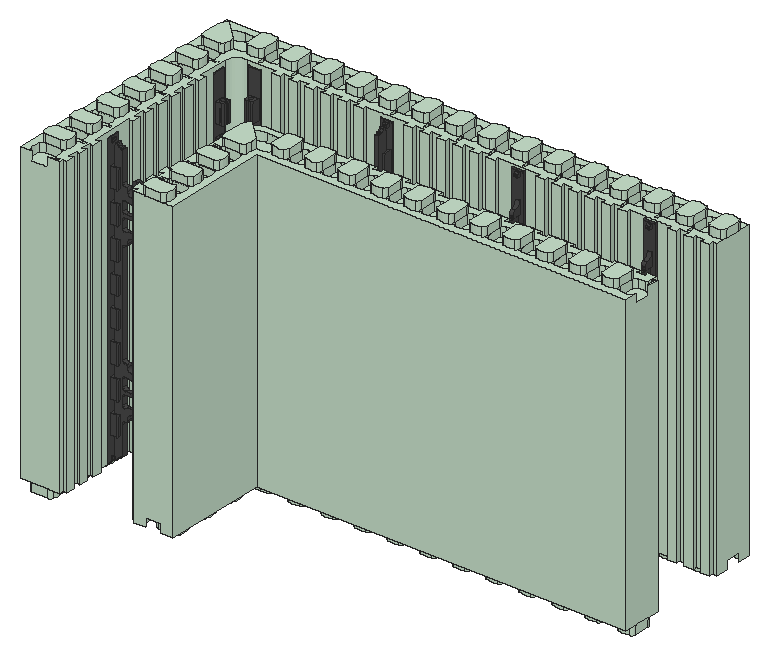
Revit family "ICF- NUDURA 4-inch- 90 Degree Form Unit- Imperial", category Generic Models, Revit 2011 (continued)
Definition of nested family "NUDURA Logo Diamond"
  Lines and regions (in)
    model lines
      curve 17: line (11.82066, 0, 17.78388) -> (11.46711, 0, 17.43033)
      curve 18: line (12.52777, 0, 17.43033) -> (12.17421, 0, 17.78388)
      curve 19: line (12.17421, 0, 16.72322) -> (12.52777, 0, 17.07678)
      curve 20: line (11.46711, 0, 17.07678) -> (11.82066, 0, 16.72322)
      curve 21: arc (11.3964, 0, 17.50104) -> (11.29388, 0, 17.25355) -> (11.3964, 0, 17.00607) r 0.35
      curve 22: arc (11.74995, 0, 17.85459) -> (11.99744, 0, 17.95711) -> (12.24492, 0, 17.85459) r 0.35
      curve 23: arc (11.46711, 0, 17.43033) -> (11.39388, 0, 17.25355) -> (11.46711, 0, 17.07678) r 0.25
      curve 24: arc (12.52777, 0, 17.43033) -> (12.60099, 0, 17.25355) -> (12.52777, 0, 17.07678) r 0.25
      curve 25: arc (12.17421, 0, 16.72322) -> (11.99744, 0, 16.65) -> (11.82066, 0, 16.72322) r 0.25
      curve 26: arc (11.82066, 0, 17.78388) -> (11.99744, 0, 17.85711) -> (12.17421, 0, 17.78388) r 0.25
      curve 27: arc (12.59848, 0, 17.50104) -> (12.70099, 0, 17.25355) -> (12.59848, 0, 17.00607) r 0.35
      curve 28: arc (11.63374, 0, 16.76872) -> (11.74358, 0, 16.50355) -> (11.63374, 0, 16.23839) r 0.375
      curve 29: arc (12.36113, 0, 16.76872) -> (12.2513, 0, 16.50355) -> (12.36113, 0, 16.23839) r 0.375
      curve 30: line (12.36113, 0, 15.26872) -> (12.59848, 0, 15.50607)
      curve 31: line (11.3964, 0, 15.50607) -> (11.63374, 0, 15.26872)
      curve 32: line (11.82066, 0, 16.28388) -> (11.46711, 0, 15.93033)
      curve 33: line (12.52777, 0, 15.93033) -> (12.17421, 0, 16.28388)
      curve 34: line (12.17421, 0, 15.22322) -> (12.52777, 0, 15.57678)
      curve 35: line (11.46711, 0, 15.57678) -> (11.82066, 0, 15.22322)
      curve 36: arc (11.3964, 0, 16.00104) -> (11.29388, 0, 15.75355) -> (11.3964, 0, 15.50607) r 0.35
      curve 37: arc (11.46711, 0, 15.93033) -> (11.39388, 0, 15.75355) -> (11.46711, 0, 15.57678) r 0.25
      curve 38: arc (12.52777, 0, 15.93033) -> (12.60099, 0, 15.75355) -> (12.52777, 0, 15.57678) r 0.25
      curve 39: arc (12.17421, 0, 15.22322) -> (11.99744, 0, 15.15) -> (11.82066, 0, 15.22322) r 0.25
      curve 40: arc (11.82066, 0, 16.28388) -> (11.99744, 0, 16.35711) -> (12.17421, 0, 16.28388) r 0.25
      curve 41: arc (12.59848, 0, 16.00104) -> (12.70099, 0, 15.75355) -> (12.59848, 0, 15.50607) r 0.35
      curve 42: line (11.63374, 0, 16.23839) -> (11.3964, 0, 16.00104)
      curve 43: line (12.59848, 0, 16.00104) -> (12.36113, 0, 16.23839)
      curve 44: arc (11.63374, 0, 15.26872) -> (11.74358, 0, 15.00355) -> (11.63374, 0, 14.73839) r 0.375
      curve 45: arc (12.36113, 0, 15.26872) -> (12.2513, 0, 15.00355) -> (12.36113, 0, 14.73839) r 0.375
      curve 46: line (12.36113, 0, 13.76872) -> (12.59848, 0, 14.00607)
      curve 47: line (11.3964, 0, 14.00607) -> (11.63374, 0, 13.76872)
      curve 48: line (11.82066, 0, 14.78388) -> (11.46711, 0, 14.43033)
      curve 49: line (12.52777, 0, 14.43033) -> (12.17421, 0, 14.78388)
      curve 50: line (12.17421, 0, 13.72322) -> (12.52777, 0, 14.07678)
      curve 51: line (11.46711, 0, 14.07678) -> (11.82066, 0, 13.72322)
      curve 52: arc (11.3964, 0, 14.50104) -> (11.29388, 0, 14.25355) -> (11.3964, 0, 14.00607) r 0.35
      curve 53: arc (11.46711, 0, 14.43033) -> (11.39388, 0, 14.25355) -> (11.46711, 0, 14.07678) r 0.25
      curve 54: arc (12.52777, 0, 14.43033) -> (12.60099, 0, 14.25355) -> (12.52777, 0, 14.07678) r 0.25
      curve 55: arc (12.17421, 0, 13.72322) -> (11.99744, 0, 13.65) -> (11.82066, 0, 13.72322) r 0.25
      curve 56: arc (11.82066, 0, 14.78388) -> (11.99744, 0, 14.85711) -> (12.17421, 0, 14.78388) r 0.25
      curve 57: arc (12.59848, 0, 14.50104) -> (12.70099, 0, 14.25355) -> (12.59848, 0, 14.00607) r 0.35
      curve 58: line (11.63374, 0, 14.73839) -> (11.3964, 0, 14.50104)
      curve 59: arc (11.63374, 0, 13.76872) -> (11.74358, 0, 13.50355) -> (11.63374, 0, 13.23839) r 0.375
      curve 60: arc (12.36113, 0, 13.76872) -> (12.2513, 0, 13.50355) -> (12.36113, 0, 13.23839) r 0.375
      curve 61: line (12.78279, 0, 12.81673) -> (12.36113, 0, 13.23839)
      curve 62: line (11.21208, 0, 12.81673) -> (11.28279, 0, 12.74602)
      curve 63: arc (11.82066, 0, 13.28388) -> (11.99744, 0, 13.35711) -> (12.17421, 0, 13.28388) r 0.25
      curve 64: line (12.59848, 0, 0.50607) -> (12.24492, 0, 0.15251)
      curve 65: line (12.36113, 0, 1.23839) -> (12.59848, 0, 1.00104)
      curve 66: line (12.59848, 0, 2.00607) -> (12.36113, 0, 1.76872)
      curve 67: line (12.36113, 0, 2.73839) -> (12.59848, 0, 2.50104)
      curve 68: line (12.59848, 0, 3.50607) -> (12.36113, 0, 3.26872)
      curve 69: line (12.36113, 0, 4.23839) -> (12.59848, 0, 4.00104)
      curve 70: line (12.17421, 0, 4.72322) -> (12.71208, 0, 5.26109)
      curve 71: line (12.71208, 0, 5.26109) -> (12.78279, 0, 5.19038)
      curve 72: line (11.28279, 0, 5.26109) -> (11.82066, 0, 4.72322)
      curve 73: line (11.63374, 0, 4.76872) -> (11.21208, 0, 5.19038)
      curve 74: line (11.3964, 0, 4.00104) -> (11.63374, 0, 4.23839)
      curve 75: line (11.63374, 0, 3.26872) -> (11.3964, 0, 3.50607)
      curve 76: line (11.3964, 0, 2.50104) -> (11.63374, 0, 2.73839)
      curve 77: line (11.63374, 0, 1.76872) -> (11.3964, 0, 2.00607)
      curve 78: line (11.3964, 0, 1.00104) -> (11.63374, 0, 1.23839)
      curve 79: line (11.74995, 0, 0.15251) -> (11.3964, 0, 0.50607)
      curve 80: line (11.82066, 0, 0.22322) -> (11.46711, 0, 0.57678)
      curve 81: line (12.52777, 0, 0.57678) -> (12.17421, 0, 0.22322)
      curve 82: line (12.17421, 0, 1.28388) -> (12.52777, 0, 0.93033)
      curve 83: line (11.46711, 0, 0.93033) -> (11.82066, 0, 1.28388)
      curve 84: arc (11.3964, 0, 0.50607) -> (11.29388, 0, 0.75355) -> (11.3964, 0, 1.00104) r 0.35
      curve 85: arc (11.74995, 0, 0.15251) -> (11.99744, 0, 0.05) -> (12.24492, 0, 0.15251) r 0.35
      curve 86: arc (11.46711, 0, 0.57678) -> (11.39388, 0, 0.75355) -> (11.46711, 0, 0.93033) r 0.25
      curve 87: arc (12.52777, 0, 0.57678) -> (12.60099, 0, 0.75355) -> (12.52777, 0, 0.93033) r 0.25
      curve 88: arc (12.17421, 0, 1.28388) -> (11.99744, 0, 1.35711) -> (11.82066, 0, 1.28388) r 0.25
      curve 89: arc (11.82066, 0, 0.22322) -> (11.99744, 0, 0.15) -> (12.17421, 0, 0.22322) r 0.25
      curve 90: arc (12.59848, 0, 0.50607) -> (12.70099, 0, 0.75355) -> (12.59848, 0, 1.00104) r 0.35
      curve 91: arc (11.63374, 0, 1.23839) -> (11.74358, 0, 1.50355) -> (11.63374, 0, 1.76872) r 0.375
      curve 92: arc (12.36113, 0, 1.23839) -> (12.2513, 0, 1.50355) -> (12.36113, 0, 1.76872) r 0.375
      curve 93: line (12.36113, 0, 2.73839) -> (12.59848, 0, 2.50104)
      curve 94: line (11.3964, 0, 2.50104) -> (11.63374, 0, 2.73839)
      curve 95: line (11.82066, 0, 1.72322) -> (11.46711, 0, 2.07678)
      curve 96: line (12.52777, 0, 2.07678) -> (12.17421, 0, 1.72322)
      curve 97: line (12.17421, 0, 2.78388) -> (12.52777, 0, 2.43033)
      curve 98: line (11.46711, 0, 2.43033) -> (11.82066, 0, 2.78388)
      curve 99: arc (11.3964, 0, 2.00607) -> (11.29388, 0, 2.25355) -> (11.3964, 0, 2.50104) r 0.35
      curve 100: arc (11.46711, 0, 2.07678) -> (11.39388, 0, 2.25355) -> (11.46711, 0, 2.43033) r 0.25
      curve 101: arc (12.52777, 0, 2.07678) -> (12.60099, 0, 2.25355) -> (12.52777, 0, 2.43033) r 0.25
      curve 102: arc (12.17421, 0, 2.78388) -> (11.99744, 0, 2.85711) -> (11.82066, 0, 2.78388) r 0.25
      curve 103: arc (11.82066, 0, 1.72322) -> (11.99744, 0, 1.65) -> (12.17421, 0, 1.72322) r 0.25
      curve 104: arc (12.59848, 0, 2.00607) -> (12.70099, 0, 2.25355) -> (12.59848, 0, 2.50104) r 0.35
      curve 105: line (11.63374, 0, 1.76872) -> (11.3964, 0, 2.00607)
      curve 106: line (12.59848, 0, 2.00607) -> (12.36113, 0, 1.76872)
      curve 107: arc (11.63374, 0, 2.73839) -> (11.74358, 0, 3.00355) -> (11.63374, 0, 3.26872) r 0.375
      curve 108: arc (12.36113, 0, 2.73839) -> (12.2513, 0, 3.00355) -> (12.36113, 0, 3.26872) r 0.375
      curve 109: line (12.36113, 0, 4.23839) -> (12.59848, 0, 4.00104)
      curve 110: line (11.3964, 0, 4.00104) -> (11.63374, 0, 4.23839)
      curve 111: line (11.82066, 0, 3.22322) -> (11.46711, 0, 3.57678)
      curve 112: line (12.52777, 0, 3.57678) -> (12.17421, 0, 3.22322)
      curve 113: line (12.17421, 0, 4.28388) -> (12.52777, 0, 3.93033)
      curve 114: line (11.46711, 0, 3.93033) -> (11.82066, 0, 4.28388)
      curve 115: arc (11.3964, 0, 3.50607) -> (11.29388, 0, 3.75355) -> (11.3964, 0, 4.00104) r 0.35
      curve 116: arc (11.46711, 0, 3.57678) -> (11.39388, 0, 3.75355) -> (11.46711, 0, 3.93033) r 0.25
      curve 117: arc (12.52777, 0, 3.57678) -> (12.60099, 0, 3.75355) -> (12.52777, 0, 3.93033) r 0.25
      curve 118: arc (12.17421, 0, 4.28388) -> (11.99744, 0, 4.35711) -> (11.82066, 0, 4.28388) r 0.25
      curve 119: arc (11.82066, 0, 3.22322) -> (11.99744, 0, 3.15) -> (12.17421, 0, 3.22322) r 0.25
      curve 120: arc (12.59848, 0, 3.50607) -> (12.70099, 0, 3.75355) -> (12.59848, 0, 4.00104) r 0.35
      curve 121: line (11.63374, 0, 3.26872) -> (11.3964, 0, 3.50607)
      curve 122: arc (11.63374, 0, 4.23839) -> (11.74358, 0, 4.50355) -> (11.63374, 0, 4.76872) r 0.375
      curve 123: arc (12.36113, 0, 4.23839) -> (12.2513, 0, 4.50355) -> (12.36113, 0, 4.76872) r 0.375
      curve 124: line (12.78279, 0, 5.19038) -> (12.36113, 0, 4.76872)
      curve 125: line (11.21208, 0, 5.19038) -> (11.28279, 0, 5.26109)
      curve 126: arc (11.82066, 0, 4.72322) -> (11.99744, 0, 4.65) -> (12.17421, 0, 4.72322) r 0.25
      curve 127: line (12.37244, 0, 12.50355) -> (11.62244, 0, 12.50355)
      curve 128: line (12.74744, 0, 5.87855) -> (12.74744, 0, 12.12855)
      curve 129: line (11.24744, 0, 12.12855) -> (11.24744, 0, 5.87855)
      curve 130: line (11.62244, 0, 5.50355) -> (12.37244, 0, 5.50355)
      curve 131: line (12.47232, 0, 12.00355) -> (12.0393, 0, 12.25355)
      curve 132: line (12.47232, 0, 11.50355) -> (12.47232, 0, 12.00355)
      curve 133: line (12.25581, 0, 11.37855) -> (12.47232, 0, 11.50355)
      curve 134: line (12.02256, 0, 11.51322) -> (12.25581, 0, 11.37855)
      curve 135: line (12.22232, 0, 11.62855) -> (12.02256, 0, 11.51322)
      curve 136: line (11.80605, 0, 12.11888) -> (12.22232, 0, 11.87855)
      curve 137: line (12.22232, 0, 11.87855) -> (12.22232, 0, 11.62855)
      curve 138: line (12.0393, 0, 12.25355) -> (11.80605, 0, 12.11888)
      curve 139: line (11.77256, 0, 11.63822) -> (11.97232, 0, 11.75355)
      curve 140: line (11.97232, 0, 11.75355) -> (11.73906, 0, 11.88822)
      curve 141: line (11.73906, 0, 11.88822) -> (11.52256, 0, 11.76322)
      curve 142: line (11.52256, 0, 11.76322) -> (11.52256, 0, 11.26322)
      curve 143: line (11.77256, 0, 11.38822) -> (11.77256, 0, 11.63822)
      curve 144: line (12.18882, 0, 11.14789) -> (11.77256, 0, 11.38822)
      curve 145: line (11.95557, 0, 11.01322) -> (12.18882, 0, 11.14789)
      curve 146: line (11.52256, 0, 11.26322) -> (11.95557, 0, 11.01322)
      curve 147: line (12.31108, 0, 10.60411) -> (11.68379, 0, 10.74458)
      curve 148: line (11.68379, 0, 10.74458) -> (11.68379, 0, 10.51321)
      curve 149: line (11.68379, 0, 10.51321) -> (12.1295, 0, 10.41405)
      curve 150: line (12.1295, 0, 10.41405) -> (11.68379, 0, 10.27358)
      curve 151: line (11.68379, 0, 10.27358) -> (11.68379, 0, 9.8852)
      curve 152: line (11.68379, 0, 9.8852) -> (12.17077, 0, 9.77615)
      curve 153: line (12.17077, 0, 9.77615) -> (12.17077, 0, 9.74472)
      curve 154: line (12.17077, 0, 9.74472) -> (11.86146, 0, 9.80279)
      curve 155: line (11.68379, 0, 9.65536) -> (11.68379, 0, 9.35864)
      curve 156: line (12.07077, 0, 8.74385) -> (12.07077, 0, 8.99996)
      curve 157: line (12.07077, 0, 8.99996) -> (11.68379, 0, 9.08605)
      curve 158: line (11.68379, 0, 9.08605) -> (11.68379, 0, 8.47809)
      curve 159: line (11.91823, 0, 9.06589) -> (12.31108, 0, 8.97792)
      curve 160: line (11.82444, 0, 8.55476) -> (11.82444, 0, 8.79865)
      curve 161: line (11.82444, 0, 8.79865) -> (12.07077, 0, 8.74385)
      curve 162: line (11.68379, 0, 8.07193) -> (11.68379, 0, 7.77522)
      curve 163: line (11.91823, 0, 7.48247) -> (12.21108, 0, 7.41688)
      curve 164: line (12.21108, 0, 7.41688) -> (12.21108, 0, 6.95405)
      curve 165: line (12.16108, 0, 6.90405) -> (12.12077, 0, 6.90405)
      curve 166: line (12.07077, 0, 6.95405) -> (12.07077, 0, 7.08675)
      curve 167: line (12.07077, 0, 7.08675) -> (12.12077, 0, 7.07556)
      curve 168: line (12.12077, 0, 7.07556) -> (12.12077, 0, 7.33463)
      curve 169: line (12.12077, 0, 7.33463) -> (11.68379, 0, 7.43249)
      curve 170: line (11.68379, 0, 7.43249) -> (11.68379, 0, 7.17341)
      curve 171: line (11.68379, 0, 7.17341) -> (11.97077, 0, 7.10915)
      curve 172: line (11.97077, 0, 7.10915) -> (11.97077, 0, 6.99425)
      curve 173: line (11.92077, 0, 6.94425) -> (11.68379, 0, 6.94425)
      curve 174: line (11.68379, 0, 6.94425) -> (11.68379, 0, 6.45682)
      curve 175: line (11.68379, 0, 6.45682) -> (11.78284, 0, 6.38658)
      curve 176: line (11.78284, 0, 6.38658) -> (11.78284, 0, 6.05178)
      curve 177: line (12.12371, 0, 6.14486) -> (11.88284, 0, 6.31567)
      curve 178: line (11.88284, 0, 6.31567) -> (11.88284, 0, 6.07909)
      curve 179: line (11.88284, 0, 6.07909) -> (12.12371, 0, 6.14486)
      curve 180: line (11.78284, 0, 6.05178) -> (11.68379, 0, 6.02474)
      curve 181: line (11.68379, 0, 6.02474) -> (11.68379, 0, 5.75355)
      curve 182: line (11.68379, 0, 5.75355) -> (12.31108, 0, 5.92483)
      curve 183: line (12.31108, 0, 5.92483) -> (12.31108, 0, 6.28791)
      curve 184: line (12.31108, 0, 6.28791) -> (11.76249, 0, 6.67694)
      curve 185: line (11.76249, 0, 6.67694) -> (11.90321, 0, 6.67694)
      curve 186: line (12.31108, 0, 6.78674) -> (12.31108, 0, 7.63562)
      curve 187: line (12.31108, 0, 7.63562) -> (11.90258, 0, 7.7271)
      curve 188: line (11.82444, 0, 7.82469) -> (11.82444, 0, 7.92839)
      curve 189: line (11.88536, 0, 7.97718) -> (12.31108, 0, 7.88185)
      curve 190: line (12.31108, 0, 7.88185) -> (12.31108, 0, 8.13496)
      curve 191: line (12.31108, 0, 8.13496) -> (12.08042, 0, 8.17826)
      curve 192: line (12.31108, 0, 8.38353) -> (12.31108, 0, 8.9465)
      curve 193: line (12.31108, 0, 8.9465) -> (12.17077, 0, 8.97771)
      curve 194: line (12.17077, 0, 8.97771) -> (12.17077, 0, 8.55476)
      curve 195: line (12.31108, 0, 8.97792) -> (12.31108, 0, 9.21905)
      curve 196: line (12.31108, 0, 9.21905) -> (11.90258, 0, 9.31053)
      curve 197: line (11.82444, 0, 9.40811) -> (11.82444, 0, 9.51182)
      curve 198: line (11.87938, 0, 9.56195) -> (12.31108, 0, 9.46528)
      curve 199: line (12.31108, 0, 9.46528) -> (12.31108, 0, 9.98469)
      curve 200: line (12.31108, 0, 9.98469) -> (11.90664, 0, 10.07526)
      curve 201: line (11.90664, 0, 10.07526) -> (12.31108, 0, 10.20747)
      curve 202: line (12.31108, 0, 10.20747) -> (12.31108, 0, 10.60411)
      curve 203: arc (11.68379, 0, 9.65536) -> (11.73801, 0, 9.7708) -> (11.86146, 0, 9.80279) r 0.15
      curve 204: arc (11.68379, 0, 9.35864) -> (11.74962, 0, 9.17112) -> (11.91823, 0, 9.06589) r 0.3
      curve 205: arc (11.84417, 0, 8.22149) -> (11.72718, 0, 8.32679) -> (11.68379, 0, 8.47809) r 0.28547
      curve 206: arc (11.68379, 0, 8.07193) -> (11.73147, 0, 8.18158) -> (11.84417, 0, 8.22149) r 0.14992
      curve 207: arc (11.68379, 0, 7.77522) -> (11.74962, 0, 7.58769) -> (11.91823, 0, 7.48247) r 0.3
      curve 208: arc (11.82444, 0, 7.82469) -> (11.84638, 0, 7.76218) -> (11.90258, 0, 7.7271) r 0.1
      curve 209: arc (11.82444, 0, 7.92839) -> (11.84318, 0, 7.96742) -> (11.88536, 0, 7.97718) r 0.05
      curve 210: arc (12.12077, 0, 6.90405) -> (12.08541, 0, 6.91869) -> (12.07077, 0, 6.95405) r 0.05
      curve 211: arc (12.16108, 0, 6.90405) -> (12.19644, 0, 6.91869) -> (12.21108, 0, 6.95405) r 0.05
      curve 212: arc (11.97077, 0, 6.99425) -> (11.95612, 0, 6.95889) -> (11.92077, 0, 6.94425) r 0.05
      curve 213: arc (11.90321, 0, 6.67694) -> (11.96756, 0, 6.70069) -> (12.00104, 0, 6.76055) r 0.09904
      curve 214: arc (12.00104, 0, 6.76055) -> (12.1681, 0, 6.63117) -> (12.31108, 0, 6.78674) r 0.15613
      curve 215: arc (12.08042, 0, 8.17826) -> (12.24181, 0, 8.22914) -> (12.31108, 0, 8.38353) r 0.20667
      curve 216: arc (11.82444, 0, 8.55476) -> (11.9976, 0, 8.3816) -> (12.17077, 0, 8.55476) r 0.17317
      curve 217: arc (11.82444, 0, 9.40811) -> (11.84638, 0, 9.34561) -> (11.90258, 0, 9.31053) r 0.1
      curve 218: arc (11.82444, 0, 9.51182) -> (11.8459, 0, 9.55306) -> (11.892, 0, 9.55913) r 0.05034
      curve 219: arc (11.24744, 0, 12.12855) -> (11.35727, 0, 12.39372) -> (11.62244, 0, 12.50355) r 0.375
      curve 220: arc (12.37244, 0, 12.50355) -> (12.6376, 0, 12.39372) -> (12.74744, 0, 12.12855) r 0.375
      curve 221: arc (11.24744, 0, 5.87855) -> (11.35727, 0, 5.61339) -> (11.62244, 0, 5.50355) r 0.375
      curve 222: arc (12.37244, 0, 5.50355) -> (12.6376, 0, 5.61339) -> (12.74744, 0, 5.87855) r 0.375
      curve 223: line (9.99744, 0, 18) -> (9.99744, 0, 0)
      curve 224: line (13.99744, 0, 18) -> (13.99744, 0, 0)
      curve 225: line (15.99744, 0, 18) -> (15.99744, 0, 0)
Definition of nested family "NUDURA Logo Diamond Missing Outside Line"
  Reference planes (in)
    plane 1 "Center (Front/Back)": y = 0
    plane 2: z = 0
    plane 3 "Center (Left/Right)": x = 0
  Lines and regions (in)
    model lines
      curve 1: line (12.59848, 0, 17.50104) -> (12.24492, 0, 17.85459)
      curve 2: line (12.36113, 0, 16.76872) -> (12.59848, 0, 17.00607)
      curve 3: line (12.59848, 0, 16.00104) -> (12.36113, 0, 16.23839)
      curve 4: line (12.36113, 0, 15.26872) -> (12.59848, 0, 15.50607)
      curve 5: line (12.59848, 0, 14.50104) -> (12.36113, 0, 14.73839)
      curve 6: line (12.36113, 0, 13.76872) -> (12.59848, 0, 14.00607)
      curve 7: line (12.17421, 0, 13.28388) -> (12.71208, 0, 12.74602)
      curve 8: line (12.71208, 0, 12.74602) -> (12.78279, 0, 12.81673)
      curve 9: line (11.28279, 0, 12.74602) -> (11.82066, 0, 13.28388)
      curve 10: line (11.63374, 0, 13.23839) -> (11.21208, 0, 12.81673)
      curve 11: line (11.3964, 0, 14.00607) -> (11.63374, 0, 13.76872)
      curve 12: line (11.63374, 0, 14.73839) -> (11.3964, 0, 14.50104)
      curve 13: line (11.3964, 0, 15.50607) -> (11.63374, 0, 15.26872)
      curve 14: line (11.63374, 0, 16.23839) -> (11.3964, 0, 16.00104)
      curve 15: line (11.3964, 0, 17.00607) -> (11.63374, 0, 16.76872)
      curve 16: line (11.74995, 0, 17.85459) -> (11.3964, 0, 17.50104)
      curve 17: line (11.82066, 0, 17.78388) -> (11.46711, 0, 17.43033)
      curve 18: line (12.52777, 0, 17.43033) -> (12.17421, 0, 17.78388)
      curve 19: line (12.17421, 0, 16.72322) -> (12.52777, 0, 17.07678)
      curve 20: line (11.46711, 0, 17.07678) -> (11.82066, 0, 16.72322)
      curve 21: arc (11.3964, 0, 17.50104) -> (11.29388, 0, 17.25355) -> (11.3964, 0, 17.00607) r 0.35
      curve 22: arc (11.74995, 0, 17.85459) -> (11.99744, 0, 17.95711) -> (12.24492, 0, 17.85459) r 0.35
      curve 23: arc (11.46711, 0, 17.43033) -> (11.39388, 0, 17.25355) -> (11.46711, 0, 17.07678) r 0.25
      curve 24: arc (12.52777, 0, 17.43033) -> (12.60099, 0, 17.25355) -> (12.52777, 0, 17.07678) r 0.25
      curve 25: arc (12.17421, 0, 16.72322) -> (11.99744, 0, 16.65) -> (11.82066, 0, 16.72322) r 0.25
      curve 26: arc (11.82066, 0, 17.78388) -> (11.99744, 0, 17.85711) -> (12.17421, 0, 17.78388) r 0.25
      curve 27: arc (12.59848, 0, 17.50104) -> (12.70099, 0, 17.25355) -> (12.59848, 0, 17.00607) r 0.35
      curve 28: arc (11.63374, 0, 16.76872) -> (11.74358, 0, 16.50355) -> (11.63374, 0, 16.23839) r 0.375
      curve 29: arc (12.36113, 0, 16.76872) -> (12.2513, 0, 16.50355) -> (12.36113, 0, 16.23839) r 0.375
      curve 30: line (12.36113, 0, 15.26872) -> (12.59848, 0, 15.50607)
      curve 31: line (11.3964, 0, 15.50607) -> (11.63374, 0, 15.26872)
      curve 32: line (11.82066, 0, 16.28388) -> (11.46711, 0, 15.93033)
      curve 33: line (12.52777, 0, 15.93033) -> (12.17421, 0, 16.28388)
      curve 34: line (12.17421, 0, 15.22322) -> (12.52777, 0, 15.57678)
      curve 35: line (11.46711, 0, 15.57678) -> (11.82066, 0, 15.22322)
      curve 36: arc (11.3964, 0, 16.00104) -> (11.29388, 0, 15.75355) -> (11.3964, 0, 15.50607) r 0.35
      curve 37: arc (11.46711, 0, 15.93033) -> (11.39388, 0, 15.75355) -> (11.46711, 0, 15.57678) r 0.25
      curve 38: arc (12.52777, 0, 15.93033) -> (12.60099, 0, 15.75355) -> (12.52777, 0, 15.57678) r 0.25
      curve 39: arc (12.17421, 0, 15.22322) -> (11.99744, 0, 15.15) -> (11.82066, 0, 15.22322) r 0.25
      curve 40: arc (11.82066, 0, 16.28388) -> (11.99744, 0, 16.35711) -> (12.17421, 0, 16.28388) r 0.25
      curve 41: arc (12.59848, 0, 16.00104) -> (12.70099, 0, 15.75355) -> (12.59848, 0, 15.50607) r 0.35
      curve 42: line (11.63374, 0, 16.23839) -> (11.3964, 0, 16.00104)
      curve 43: line (12.59848, 0, 16.00104) -> (12.36113, 0, 16.23839)
      curve 44: arc (11.63374, 0, 15.26872) -> (11.74358, 0, 15.00355) -> (11.63374, 0, 14.73839) r 0.375
      curve 45: arc (12.36113, 0, 15.26872) -> (12.2513, 0, 15.00355) -> (12.36113, 0, 14.73839) r 0.375
      curve 46: line (12.36113, 0, 13.76872) -> (12.59848, 0, 14.00607)
      curve 47: line (11.3964, 0, 14.00607) -> (11.63374, 0, 13.76872)
      curve 48: line (11.82066, 0, 14.78388) -> (11.46711, 0, 14.43033)
      curve 49: line (12.52777, 0, 14.43033) -> (12.17421, 0, 14.78388)
      curve 50: line (12.17421, 0, 13.72322) -> (12.52777, 0, 14.07678)
      curve 51: line (11.46711, 0, 14.07678) -> (11.82066, 0, 13.72322)
      curve 52: arc (11.3964, 0, 14.50104) -> (11.29388, 0, 14.25355) -> (11.3964, 0, 14.00607) r 0.35
      curve 53: arc (11.46711, 0, 14.43033) -> (11.39388, 0, 14.25355) -> (11.46711, 0, 14.07678) r 0.25
      curve 54: arc (12.52777, 0, 14.43033) -> (12.60099, 0, 14.25355) -> (12.52777, 0, 14.07678) r 0.25
      curve 55: arc (12.17421, 0, 13.72322) -> (11.99744, 0, 13.65) -> (11.82066, 0, 13.72322) r 0.25
      curve 56: arc (11.82066, 0, 14.78388) -> (11.99744, 0, 14.85711) -> (12.17421, 0, 14.78388) r 0.25
      curve 57: arc (12.59848, 0, 14.50104) -> (12.70099, 0, 14.25355) -> (12.59848, 0, 14.00607) r 0.35
      curve 58: line (11.63374, 0, 14.73839) -> (11.3964, 0, 14.50104)
      curve 59: arc (11.63374, 0, 13.76872) -> (11.74358, 0, 13.50355) -> (11.63374, 0, 13.23839) r 0.375
      curve 60: arc (12.36113, 0, 13.76872) -> (12.2513, 0, 13.50355) -> (12.36113, 0, 13.23839) r 0.375
      curve 61: line (12.78279, 0, 12.81673) -> (12.36113, 0, 13.23839)
      curve 62: line (11.21208, 0, 12.81673) -> (11.28279, 0, 12.74602)
      curve 63: arc (11.82066, 0, 13.28388) -> (11.99744, 0, 13.35711) -> (12.17421, 0, 13.28388) r 0.25
      curve 64: line (12.59848, 0, 0.50607) -> (12.24492, 0, 0.15251)
      curve 65: line (12.36113, 0, 1.23839) -> (12.59848, 0, 1.00104)
      curve 66: line (12.59848, 0, 2.00607) -> (12.36113, 0, 1.76872)
      curve 67: line (12.36113, 0, 2.73839) -> (12.59848, 0, 2.50104)
      curve 68: line (12.59848, 0, 3.50607) -> (12.36113, 0, 3.26872)
      curve 69: line (12.36113, 0, 4.23839) -> (12.59848, 0, 4.00104)
      curve 70: line (12.17421, 0, 4.72322) -> (12.71208, 0, 5.26109)
      curve 71: line (12.71208, 0, 5.26109) -> (12.78279, 0, 5.19038)
      curve 72: line (11.28279, 0, 5.26109) -> (11.82066, 0, 4.72322)
      curve 73: line (11.63374, 0, 4.76872) -> (11.21208, 0, 5.19038)
      curve 74: line (11.3964, 0, 4.00104) -> (11.63374, 0, 4.23839)
      curve 75: line (11.63374, 0, 3.26872) -> (11.3964, 0, 3.50607)
      curve 76: line (11.3964, 0, 2.50104) -> (11.63374, 0, 2.73839)
      curve 77: line (11.63374, 0, 1.76872) -> (11.3964, 0, 2.00607)
      curve 78: line (11.3964, 0, 1.00104) -> (11.63374, 0, 1.23839)
      curve 79: line (11.74995, 0, 0.15251) -> (11.3964, 0, 0.50607)
      curve 80: line (11.82066, 0, 0.22322) -> (11.46711, 0, 0.57678)
      curve 81: line (12.52777, 0, 0.57678) -> (12.17421, 0, 0.22322)
      curve 82: line (12.17421, 0, 1.28388) -> (12.52777, 0, 0.93033)
      curve 83: line (11.46711, 0, 0.93033) -> (11.82066, 0, 1.28388)
      curve 84: arc (11.3964, 0, 0.50607) -> (11.29388, 0, 0.75355) -> (11.3964, 0, 1.00104) r 0.35
      curve 85: arc (11.74995, 0, 0.15251) -> (11.99744, 0, 0.05) -> (12.24492, 0, 0.15251) r 0.35
      curve 86: arc (11.46711, 0, 0.57678) -> (11.39388, 0, 0.75355) -> (11.46711, 0, 0.93033) r 0.25
      curve 87: arc (12.52777, 0, 0.57678) -> (12.60099, 0, 0.75355) -> (12.52777, 0, 0.93033) r 0.25
      curve 88: arc (12.17421, 0, 1.28388) -> (11.99744, 0, 1.35711) -> (11.82066, 0, 1.28388) r 0.25
      curve 89: arc (11.82066, 0, 0.22322) -> (11.99744, 0, 0.15) -> (12.17421, 0, 0.22322) r 0.25
      curve 90: arc (12.59848, 0, 0.50607) -> (12.70099, 0, 0.75355) -> (12.59848, 0, 1.00104) r 0.35
      curve 91: arc (11.63374, 0, 1.23839) -> (11.74358, 0, 1.50355) -> (11.63374, 0, 1.76872) r 0.375
      curve 92: arc (12.36113, 0, 1.23839) -> (12.2513, 0, 1.50355) -> (12.36113, 0, 1.76872) r 0.375
      curve 93: line (12.36113, 0, 2.73839) -> (12.59848, 0, 2.50104)
      curve 94: line (11.3964, 0, 2.50104) -> (11.63374, 0, 2.73839)
      curve 95: line (11.82066, 0, 1.72322) -> (11.46711, 0, 2.07678)
      curve 96: line (12.52777, 0, 2.07678) -> (12.17421, 0, 1.72322)
      curve 97: line (12.17421, 0, 2.78388) -> (12.52777, 0, 2.43033)
      curve 98: line (11.46711, 0, 2.43033) -> (11.82066, 0, 2.78388)
      curve 99: arc (11.3964, 0, 2.00607) -> (11.29388, 0, 2.25355) -> (11.3964, 0, 2.50104) r 0.35
      curve 100: arc (11.46711, 0, 2.07678) -> (11.39388, 0, 2.25355) -> (11.46711, 0, 2.43033) r 0.25
      curve 101: arc (12.52777, 0, 2.07678) -> (12.60099, 0, 2.25355) -> (12.52777, 0, 2.43033) r 0.25
      curve 102: arc (12.17421, 0, 2.78388) -> (11.99744, 0, 2.85711) -> (11.82066, 0, 2.78388) r 0.25
      curve 103: arc (11.82066, 0, 1.72322) -> (11.99744, 0, 1.65) -> (12.17421, 0, 1.72322) r 0.25
      curve 104: arc (12.59848, 0, 2.00607) -> (12.70099, 0, 2.25355) -> (12.59848, 0, 2.50104) r 0.35
      curve 105: line (11.63374, 0, 1.76872) -> (11.3964, 0, 2.00607)
      curve 106: line (12.59848, 0, 2.00607) -> (12.36113, 0, 1.76872)
      curve 107: arc (11.63374, 0, 2.73839) -> (11.74358, 0, 3.00355) -> (11.63374, 0, 3.26872) r 0.375
      curve 108: arc (12.36113, 0, 2.73839) -> (12.2513, 0, 3.00355) -> (12.36113, 0, 3.26872) r 0.375
      curve 109: line (12.36113, 0, 4.23839) -> (12.59848, 0, 4.00104)
      curve 110: line (11.3964, 0, 4.00104) -> (11.63374, 0, 4.23839)
      curve 111: line (11.82066, 0, 3.22322) -> (11.46711, 0, 3.57678)
      curve 112: line (12.52777, 0, 3.57678) -> (12.17421, 0, 3.22322)
      curve 113: line (12.17421, 0, 4.28388) -> (12.52777, 0, 3.93033)
      curve 114: line (11.46711, 0, 3.93033) -> (11.82066, 0, 4.28388)
      curve 115: arc (11.3964, 0, 3.50607) -> (11.29388, 0, 3.75355) -> (11.3964, 0, 4.00104) r 0.35
      curve 116: arc (11.46711, 0, 3.57678) -> (11.39388, 0, 3.75355) -> (11.46711, 0, 3.93033) r 0.25
      curve 117: arc (12.52777, 0, 3.57678) -> (12.60099, 0, 3.75355) -> (12.52777, 0, 3.93033) r 0.25
      curve 118: arc (12.17421, 0, 4.28388) -> (11.99744, 0, 4.35711) -> (11.82066, 0, 4.28388) r 0.25
      curve 119: arc (11.82066, 0, 3.22322) -> (11.99744, 0, 3.15) -> (12.17421, 0, 3.22322) r 0.25
      curve 120: arc (12.59848, 0, 3.50607) -> (12.70099, 0, 3.75355) -> (12.59848, 0, 4.00104) r 0.35
      curve 121: line (11.63374, 0, 3.26872) -> (11.3964, 0, 3.50607)
      curve 122: arc (11.63374, 0, 4.23839) -> (11.74358, 0, 4.50355) -> (11.63374, 0, 4.76872) r 0.375
      curve 123: arc (12.36113, 0, 4.23839) -> (12.2513, 0, 4.50355) -> (12.36113, 0, 4.76872) r 0.375
      curve 124: line (12.78279, 0, 5.19038) -> (12.36113, 0, 4.76872)
      curve 125: line (11.21208, 0, 5.19038) -> (11.28279, 0, 5.26109)
      curve 126: arc (11.82066, 0, 4.72322) -> (11.99744, 0, 4.65) -> (12.17421, 0, 4.72322) r 0.25
      curve 127: line (12.37244, 0, 12.50355) -> (11.62244, 0, 12.50355)
      curve 128: line (12.74744, 0, 5.87855) -> (12.74744, 0, 12.12855)
      curve 129: line (11.24744, 0, 12.12855) -> (11.24744, 0, 5.87855)
      curve 130: line (11.62244, 0, 5.50355) -> (12.37244, 0, 5.50355)
      curve 131: line (12.47232, 0, 12.00355) -> (12.0393, 0, 12.25355)
      curve 132: line (12.47232, 0, 11.50355) -> (12.47232, 0, 12.00355)
      curve 133: line (12.25581, 0, 11.37855) -> (12.47232, 0, 11.50355)
      curve 134: line (12.02256, 0, 11.51322) -> (12.25581, 0, 11.37855)
      curve 135: line (12.22232, 0, 11.62855) -> (12.02256, 0, 11.51322)
      curve 136: line (11.80605, 0, 12.11888) -> (12.22232, 0, 11.87855)
      curve 137: line (12.22232, 0, 11.87855) -> (12.22232, 0, 11.62855)
      curve 138: line (12.0393, 0, 12.25355) -> (11.80605, 0, 12.11888)
      curve 139: line (11.77256, 0, 11.63822) -> (11.97232, 0, 11.75355)
      curve 140: line (11.97232, 0, 11.75355) -> (11.73906, 0, 11.88822)
      curve 141: line (11.73906, 0, 11.88822) -> (11.52256, 0, 11.76322)
      curve 142: line (11.52256, 0, 11.76322) -> (11.52256, 0, 11.26322)
      curve 143: line (11.77256, 0, 11.38822) -> (11.77256, 0, 11.63822)
      curve 144: line (12.18882, 0, 11.14789) -> (11.77256, 0, 11.38822)
      curve 145: line (11.95557, 0, 11.01322) -> (12.18882, 0, 11.14789)
      curve 146: line (11.52256, 0, 11.26322) -> (11.95557, 0, 11.01322)
      curve 147: line (12.31108, 0, 10.60411) -> (11.68379, 0, 10.74458)
      curve 148: line (11.68379, 0, 10.74458) -> (11.68379, 0, 10.51321)
      curve 149: line (11.68379, 0, 10.51321) -> (12.1295, 0, 10.41405)
      curve 150: line (12.1295, 0, 10.41405) -> (11.68379, 0, 10.27358)
      curve 151: line (11.68379, 0, 10.27358) -> (11.68379, 0, 9.8852)
      curve 152: line (11.68379, 0, 9.8852) -> (12.17077, 0, 9.77615)
      curve 153: line (12.17077, 0, 9.77615) -> (12.17077, 0, 9.74472)
      curve 154: line (12.17077, 0, 9.74472) -> (11.86146, 0, 9.80279)
      curve 155: line (11.68379, 0, 9.65536) -> (11.68379, 0, 9.35864)
      curve 156: line (12.07077, 0, 8.74385) -> (12.07077, 0, 8.99996)
      curve 157: line (12.07077, 0, 8.99996) -> (11.68379, 0, 9.08605)
      curve 158: line (11.68379, 0, 9.08605) -> (11.68379, 0, 8.47809)
      curve 159: line (11.91823, 0, 9.06589) -> (12.31108, 0, 8.97792)
      curve 160: line (11.82444, 0, 8.55476) -> (11.82444, 0, 8.79865)
      curve 161: line (11.82444, 0, 8.79865) -> (12.07077, 0, 8.74385)
      curve 162: line (11.68379, 0, 8.07193) -> (11.68379, 0, 7.77522)
      curve 163: line (11.91823, 0, 7.48247) -> (12.21108, 0, 7.41688)
      curve 164: line (12.21108, 0, 7.41688) -> (12.21108, 0, 6.95405)
      curve 165: line (12.16108, 0, 6.90405) -> (12.12077, 0, 6.90405)
      curve 166: line (12.07077, 0, 6.95405) -> (12.07077, 0, 7.08675)
      curve 167: line (12.07077, 0, 7.08675) -> (12.12077, 0, 7.07556)
      curve 168: line (12.12077, 0, 7.07556) -> (12.12077, 0, 7.33463)
      curve 169: line (12.12077, 0, 7.33463) -> (11.68379, 0, 7.43249)
      curve 170: line (11.68379, 0, 7.43249) -> (11.68379, 0, 7.17341)
      curve 171: line (11.68379, 0, 7.17341) -> (11.97077, 0, 7.10915)
      curve 172: line (11.97077, 0, 7.10915) -> (11.97077, 0, 6.99425)
      curve 173: line (11.92077, 0, 6.94425) -> (11.68379, 0, 6.94425)
      curve 174: line (11.68379, 0, 6.94425) -> (11.68379, 0, 6.45682)
      curve 175: line (11.68379, 0, 6.45682) -> (11.78284, 0, 6.38658)
      curve 176: line (11.78284, 0, 6.38658) -> (11.78284, 0, 6.05178)
      curve 177: line (12.12371, 0, 6.14486) -> (11.88284, 0, 6.31567)
      curve 178: line (11.88284, 0, 6.31567) -> (11.88284, 0, 6.07909)
      curve 179: line (11.88284, 0, 6.07909) -> (12.12371, 0, 6.14486)
      curve 180: line (11.78284, 0, 6.05178) -> (11.68379, 0, 6.02474)
      curve 181: line (11.68379, 0, 6.02474) -> (11.68379, 0, 5.75355)
      curve 182: line (11.68379, 0, 5.75355) -> (12.31108, 0, 5.92483)
      curve 183: line (12.31108, 0, 5.92483) -> (12.31108, 0, 6.28791)
      curve 184: line (12.31108, 0, 6.28791) -> (11.76249, 0, 6.67694)
      curve 185: line (11.76249, 0, 6.67694) -> (11.90321, 0, 6.67694)
      curve 186: line (12.31108, 0, 6.78674) -> (12.31108, 0, 7.63562)
      curve 187: line (12.31108, 0, 7.63562) -> (11.90258, 0, 7.7271)
      curve 188: line (11.82444, 0, 7.82469) -> (11.82444, 0, 7.92839)
      curve 189: line (11.88536, 0, 7.97718) -> (12.31108, 0, 7.88185)
      curve 190: line (12.31108, 0, 7.88185) -> (12.31108, 0, 8.13496)
      curve 191: line (12.31108, 0, 8.13496) -> (12.08042, 0, 8.17826)
      curve 192: line (12.31108, 0, 8.38353) -> (12.31108, 0, 8.9465)
      curve 193: line (12.31108, 0, 8.9465) -> (12.17077, 0, 8.97771)
      curve 194: line (12.17077, 0, 8.97771) -> (12.17077, 0, 8.55476)
      curve 195: line (12.31108, 0, 8.97792) -> (12.31108, 0, 9.21905)
      curve 196: line (12.31108, 0, 9.21905) -> (11.90258, 0, 9.31053)
      curve 197: line (11.82444, 0, 9.40811) -> (11.82444, 0, 9.51182)
      curve 198: line (11.87938, 0, 9.56195) -> (12.31108, 0, 9.46528)
      curve 199: line (12.31108, 0, 9.46528) -> (12.31108, 0, 9.98469)
      curve 200: line (12.31108, 0, 9.98469) -> (11.90664, 0, 10.07526)
      curve 201: line (11.90664, 0, 10.07526) -> (12.31108, 0, 10.20747)
      curve 202: line (12.31108, 0, 10.20747) -> (12.31108, 0, 10.60411)
      curve 203: arc (11.68379, 0, 9.65536) -> (11.73801, 0, 9.7708) -> (11.86146, 0, 9.80279) r 0.15
      curve 204: arc (11.68379, 0, 9.35864) -> (11.74962, 0, 9.17112) -> (11.91823, 0, 9.06589) r 0.3
      curve 205: arc (11.84417, 0, 8.22149) -> (11.72718, 0, 8.32679) -> (11.68379, 0, 8.47809) r 0.28547
      curve 206: arc (11.68379, 0, 8.07193) -> (11.73147, 0, 8.18158) -> (11.84417, 0, 8.22149) r 0.14992
      curve 207: arc (11.68379, 0, 7.77522) -> (11.74962, 0, 7.58769) -> (11.91823, 0, 7.48247) r 0.3
      curve 208: arc (11.82444, 0, 7.82469) -> (11.84638, 0, 7.76218) -> (11.90258, 0, 7.7271) r 0.1
      curve 209: arc (11.82444, 0, 7.92839) -> (11.84318, 0, 7.96742) -> (11.88536, 0, 7.97718) r 0.05
      curve 210: arc (12.12077, 0, 6.90405) -> (12.08541, 0, 6.91869) -> (12.07077, 0, 6.95405) r 0.05
      curve 211: arc (12.16108, 0, 6.90405) -> (12.19644, 0, 6.91869) -> (12.21108, 0, 6.95405) r 0.05
      curve 212: arc (11.97077, 0, 6.99425) -> (11.95612, 0, 6.95889) -> (11.92077, 0, 6.94425) r 0.05
      curve 213: arc (11.90321, 0, 6.67694) -> (11.96756, 0, 6.70069) -> (12.00104, 0, 6.76055) r 0.09904
      curve 214: arc (12.00104, 0, 6.76055) -> (12.1681, 0, 6.63117) -> (12.31108, 0, 6.78674) r 0.15613
      curve 215: arc (12.08042, 0, 8.17826) -> (12.24181, 0, 8.22914) -> (12.31108, 0, 8.38353) r 0.20667
      curve 216: arc (11.82444, 0, 8.55476) -> (11.9976, 0, 8.3816) -> (12.17077, 0, 8.55476) r 0.17317
      curve 217: arc (11.82444, 0, 9.40811) -> (11.84638, 0, 9.34561) -> (11.90258, 0, 9.31053) r 0.1
      curve 218: arc (11.82444, 0, 9.51182) -> (11.8459, 0, 9.55306) -> (11.892, 0, 9.55913) r 0.05034
      curve 219: arc (11.24744, 0, 12.12855) -> (11.35727, 0, 12.39372) -> (11.62244, 0, 12.50355) r 0.375
      curve 220: arc (12.37244, 0, 12.50355) -> (12.6376, 0, 12.39372) -> (12.74744, 0, 12.12855) r 0.375
      curve 221: arc (11.24744, 0, 5.87855) -> (11.35727, 0, 5.61339) -> (11.62244, 0, 5.50355) r 0.375
      curve 222: arc (12.37244, 0, 5.50355) -> (12.6376, 0, 5.61339) -> (12.74744, 0, 5.87855) r 0.375
      curve 223: line (9.99744, 0, 18) -> (9.99744, 0, 0)
      curve 224: line (13.99744, 0, 18) -> (13.99744, 0, 0)
Definition of nested family "NUDURA Diamond Pattern Missing One Line"
  Reference planes (in)
    plane 1 "Center (Front/Back)": y = 0
    plane 2: z = 0
    plane 3 "Center (Left/Right)": x = 0
    plane 4: z = 18
  Lines and regions (in)
    model lines
      curve 1: line (6, -5.625, 18) -> (6, -5.625, 0)
      curve 2: line (2, -5.625, 18) -> (2, -5.625, 0)
      curve 3: line (3.35367, -5.625, 16.98484) -> (3.69709, -5.625, 16.64142)
      curve 4: arc (3.35367, -5.625, 17.51517) -> (3.24384, -5.625, 17.25) -> (3.35367, -5.625, 16.98484) r 0.375
      curve 5: line (3.72867, -5.625, 17.89017) -> (3.35367, -5.625, 17.51517)
      curve 6: arc (4.259, -5.625, 17.89017) -> (3.99384, -5.625, 18) -> (3.72867, -5.625, 17.89017) r 0.375
      curve 7: line (4.634, -5.625, 17.51517) -> (4.259, -5.625, 17.89017)
      curve 8: arc (4.634, -5.625, 16.98484) -> (4.74384, -5.625, 17.25) -> (4.634, -5.625, 17.51517) r 0.375
      curve 9: line (4.29059, -5.625, 16.64142) -> (4.634, -5.625, 16.98484)
      curve 10: arc (4.17062, -5.625, 17.80178) -> (3.99384, -5.625, 17.875) -> (3.81706, -5.625, 17.80178) r 0.25
      curve 11: line (4.54562, -5.625, 17.42678) -> (4.17062, -5.625, 17.80178)
      curve 12: arc (4.54562, -5.625, 17.07322) -> (4.61884, -5.625, 17.25) -> (4.54562, -5.625, 17.42678) r 0.25
      curve 13: line (4.17062, -5.625, 16.69822) -> (4.54562, -5.625, 17.07322)
      curve 14: arc (3.81706, -5.625, 16.69822) -> (3.99384, -5.625, 16.625) -> (4.17062, -5.625, 16.69822) r 0.25
      curve 15: line (3.44206, -5.625, 17.07322) -> (3.81706, -5.625, 16.69822)
      curve 16: arc (3.44206, -5.625, 17.42678) -> (3.36884, -5.625, 17.25) -> (3.44206, -5.625, 17.07322) r 0.25
      curve 17: line (3.81706, -5.625, 17.80178) -> (3.44206, -5.625, 17.42678)
      curve 18: arc (3.69709, -5.625, 16.35858) -> (3.75567, -5.625, 16.5) -> (3.69709, -5.625, 16.64142) r 0.2
      curve 19: line (4.634, -5.625, 16.01517) -> (4.29059, -5.625, 16.35858)
      curve 20: arc (4.634, -5.625, 15.48484) -> (4.74384, -5.625, 15.75) -> (4.634, -5.625, 16.01517) r 0.375
      curve 21: line (4.29059, -5.625, 15.14142) -> (4.634, -5.625, 15.48484)
      curve 22: line (3.35367, -5.625, 15.48484) -> (3.69709, -5.625, 15.14142)
      curve 23: arc (3.35367, -5.625, 16.01517) -> (3.24384, -5.625, 15.75) -> (3.35367, -5.625, 15.48484) r 0.375
      curve 24: line (3.69709, -5.625, 16.35858) -> (3.35367, -5.625, 16.01517)
      curve 25: arc (4.17062, -5.625, 16.30178) -> (3.99384, -5.625, 16.375) -> (3.81706, -5.625, 16.30178) r 0.25
      curve 26: line (3.81706, -5.625, 16.30178) -> (3.44206, -5.625, 15.92678)
      curve 27: arc (3.44206, -5.625, 15.92678) -> (3.36884, -5.625, 15.75) -> (3.44206, -5.625, 15.57322) r 0.25
      curve 28: line (3.44206, -5.625, 15.57322) -> (3.81706, -5.625, 15.19822)
      curve 29: arc (3.81706, -5.625, 15.19822) -> (3.99384, -5.625, 15.125) -> (4.17062, -5.625, 15.19822) r 0.25
      curve 30: line (4.17062, -5.625, 15.19822) -> (4.54562, -5.625, 15.57322)
      curve 31: arc (4.54562, -5.625, 15.57322) -> (4.61884, -5.625, 15.75) -> (4.54562, -5.625, 15.92678) r 0.25
      curve 32: line (4.54562, -5.625, 15.92678) -> (4.17062, -5.625, 16.30178)
      curve 33: arc (3.69709, -5.625, 14.85858) -> (3.75567, -5.625, 15) -> (3.69709, -5.625, 15.14142) r 0.2
      curve 34: line (4.634, -5.625, 14.51517) -> (4.29059, -5.625, 14.85858)
      curve 35: arc (4.634, -5.625, 13.98484) -> (4.74384, -5.625, 14.25) -> (4.634, -5.625, 14.51517) r 0.375
      curve 36: line (4.29059, -5.625, 13.64142) -> (4.634, -5.625, 13.98484)
      curve 37: line (3.35367, -5.625, 13.98484) -> (3.69709, -5.625, 13.64142)
      curve 38: arc (3.35367, -5.625, 14.51517) -> (3.24384, -5.625, 14.25) -> (3.35367, -5.625, 13.98484) r 0.375
      curve 39: line (3.69709, -5.625, 14.85858) -> (3.35367, -5.625, 14.51517)
      curve 40: arc (4.17062, -5.625, 14.80178) -> (3.99384, -5.625, 14.875) -> (3.81706, -5.625, 14.80178) r 0.25
      curve 41: line (3.81706, -5.625, 14.80178) -> (3.44206, -5.625, 14.42678)
      curve 42: arc (3.44206, -5.625, 14.42678) -> (3.36884, -5.625, 14.25) -> (3.44206, -5.625, 14.07322) r 0.25
      curve 43: line (3.44206, -5.625, 14.07322) -> (3.81706, -5.625, 13.69822)
      curve 44: arc (3.81706, -5.625, 13.69822) -> (3.99384, -5.625, 13.625) -> (4.17062, -5.625, 13.69822) r 0.25
      curve 45: line (4.17062, -5.625, 13.69822) -> (4.54562, -5.625, 14.07322)
      curve 46: arc (4.54562, -5.625, 14.07322) -> (4.61884, -5.625, 14.25) -> (4.54562, -5.625, 14.42678) r 0.25
      curve 47: line (4.54562, -5.625, 14.42678) -> (4.17062, -5.625, 14.80178)
      curve 48: arc (3.69709, -5.625, 13.35858) -> (3.75567, -5.625, 13.5) -> (3.69709, -5.625, 13.64142) r 0.2
      curve 49: line (4.634, -5.625, 13.01517) -> (4.29059, -5.625, 13.35858)
      curve 50: arc (4.634, -5.625, 12.48484) -> (4.74384, -5.625, 12.75) -> (4.634, -5.625, 13.01517) r 0.375
      curve 51: line (4.29059, -5.625, 12.14142) -> (4.634, -5.625, 12.48484)
      curve 52: line (3.35367, -5.625, 12.48484) -> (3.69709, -5.625, 12.14142)
      curve 53: arc (3.35367, -5.625, 13.01517) -> (3.24384, -5.625, 12.75) -> (3.35367, -5.625, 12.48484) r 0.375
      curve 54: line (3.69709, -5.625, 13.35858) -> (3.35367, -5.625, 13.01517)
      curve 55: arc (4.17062, -5.625, 13.30178) -> (3.99384, -5.625, 13.375) -> (3.81706, -5.625, 13.30178) r 0.25
      curve 56: line (3.81706, -5.625, 13.30178) -> (3.44206, -5.625, 12.92678)
      curve 57: arc (3.44206, -5.625, 12.92678) -> (3.36884, -5.625, 12.75) -> (3.44206, -5.625, 12.57322) r 0.25
      curve 58: line (3.44206, -5.625, 12.57322) -> (3.81706, -5.625, 12.19822)
      curve 59: arc (3.81706, -5.625, 12.19822) -> (3.99384, -5.625, 12.125) -> (4.17062, -5.625, 12.19822) r 0.25
      curve 60: line (4.17062, -5.625, 12.19822) -> (4.54562, -5.625, 12.57322)
      curve 61: arc (4.54562, -5.625, 12.57322) -> (4.61884, -5.625, 12.75) -> (4.54562, -5.625, 12.92678) r 0.25
      curve 62: line (4.54562, -5.625, 12.92678) -> (4.17062, -5.625, 13.30178)
      curve 63: arc (3.69709, -5.625, 11.85858) -> (3.75567, -5.625, 12) -> (3.69709, -5.625, 12.14142) r 0.2
      curve 64: line (4.634, -5.625, 11.51517) -> (4.29059, -5.625, 11.85858)
      curve 65: arc (4.634, -5.625, 10.98484) -> (4.74384, -5.625, 11.25) -> (4.634, -5.625, 11.51517) r 0.375
      curve 66: line (4.29059, -5.625, 10.64142) -> (4.634, -5.625, 10.98484)
      curve 67: line (3.35367, -5.625, 10.98484) -> (3.69709, -5.625, 10.64142)
      curve 68: arc (3.35367, -5.625, 11.51517) -> (3.24384, -5.625, 11.25) -> (3.35367, -5.625, 10.98484) r 0.375
      curve 69: line (3.69709, -5.625, 11.85858) -> (3.35367, -5.625, 11.51517)
      curve 70: arc (4.17062, -5.625, 11.80178) -> (3.99384, -5.625, 11.875) -> (3.81706, -5.625, 11.80178) r 0.25
      curve 71: line (3.81706, -5.625, 11.80178) -> (3.44206, -5.625, 11.42678)
      curve 72: arc (3.44206, -5.625, 11.42678) -> (3.36884, -5.625, 11.25) -> (3.44206, -5.625, 11.07322) r 0.25
      curve 73: line (3.44206, -5.625, 11.07322) -> (3.81706, -5.625, 10.69822)
      curve 74: arc (3.81706, -5.625, 10.69822) -> (3.99384, -5.625, 10.625) -> (4.17062, -5.625, 10.69822) r 0.25
      curve 75: line (4.17062, -5.625, 10.69822) -> (4.54562, -5.625, 11.07322)
      curve 76: arc (4.54562, -5.625, 11.07322) -> (4.61884, -5.625, 11.25) -> (4.54562, -5.625, 11.42678) r 0.25
      curve 77: line (4.54562, -5.625, 11.42678) -> (4.17062, -5.625, 11.80178)
      curve 78: arc (3.69709, -5.625, 10.35858) -> (3.75567, -5.625, 10.5) -> (3.69709, -5.625, 10.64142) r 0.2
      curve 79: line (4.634, -5.625, 10.01517) -> (4.29059, -5.625, 10.35858)
      curve 80: arc (4.634, -5.625, 9.48484) -> (4.74384, -5.625, 9.75) -> (4.634, -5.625, 10.01517) r 0.375
      curve 81: line (4.29059, -5.625, 9.14142) -> (4.634, -5.625, 9.48484)
      curve 82: line (3.35367, -5.625, 9.48484) -> (3.69709, -5.625, 9.14142)
      curve 83: arc (3.35367, -5.625, 10.01517) -> (3.24384, -5.625, 9.75) -> (3.35367, -5.625, 9.48484) r 0.375
      curve 84: line (3.69709, -5.625, 10.35858) -> (3.35367, -5.625, 10.01517)
      curve 85: arc (4.17062, -5.625, 10.30178) -> (3.99384, -5.625, 10.375) -> (3.81706, -5.625, 10.30178) r 0.25
      curve 86: line (3.81706, -5.625, 10.30178) -> (3.44206, -5.625, 9.92678)
      curve 87: arc (3.44206, -5.625, 9.92678) -> (3.36884, -5.625, 9.75) -> (3.44206, -5.625, 9.57322) r 0.25
      curve 88: line (3.44206, -5.625, 9.57322) -> (3.81706, -5.625, 9.19822)
      curve 89: arc (3.81706, -5.625, 9.19822) -> (3.99384, -5.625, 9.125) -> (4.17062, -5.625, 9.19822) r 0.25
      curve 90: line (4.17062, -5.625, 9.19822) -> (4.54562, -5.625, 9.57322)
      curve 91: arc (4.54562, -5.625, 9.57322) -> (4.61884, -5.625, 9.75) -> (4.54562, -5.625, 9.92678) r 0.25
      curve 92: line (4.54562, -5.625, 9.92678) -> (4.17062, -5.625, 10.30178)
      curve 93: arc (3.69709, -5.625, 8.85858) -> (3.75567, -5.625, 9) -> (3.69709, -5.625, 9.14142) r 0.2
      curve 94: line (4.634, -5.625, 8.51517) -> (4.29059, -5.625, 8.85858)
      curve 95: arc (4.634, -5.625, 7.98484) -> (4.74384, -5.625, 8.25) -> (4.634, -5.625, 8.51517) r 0.375
      curve 96: line (4.29059, -5.625, 7.64142) -> (4.634, -5.625, 7.98484)
      curve 97: line (3.35367, -5.625, 7.98484) -> (3.69709, -5.625, 7.64142)
      curve 98: arc (3.35367, -5.625, 8.51517) -> (3.24384, -5.625, 8.25) -> (3.35367, -5.625, 7.98484) r 0.375
      curve 99: line (3.69709, -5.625, 8.85858) -> (3.35367, -5.625, 8.51517)
      curve 100: arc (4.17062, -5.625, 8.80178) -> (3.99384, -5.625, 8.875) -> (3.81706, -5.625, 8.80178) r 0.25
      curve 101: line (3.81706, -5.625, 8.80178) -> (3.44206, -5.625, 8.42678)
      curve 102: arc (3.44206, -5.625, 8.42678) -> (3.36884, -5.625, 8.25) -> (3.44206, -5.625, 8.07322) r 0.25
      curve 103: line (3.44206, -5.625, 8.07322) -> (3.81706, -5.625, 7.69822)
      curve 104: arc (3.81706, -5.625, 7.69822) -> (3.99384, -5.625, 7.625) -> (4.17062, -5.625, 7.69822) r 0.25
      curve 105: line (4.17062, -5.625, 7.69822) -> (4.54562, -5.625, 8.07322)
      curve 106: arc (4.54562, -5.625, 8.07322) -> (4.61884, -5.625, 8.25) -> (4.54562, -5.625, 8.42678) r 0.25
      curve 107: line (4.54562, -5.625, 8.42678) -> (4.17062, -5.625, 8.80178)
      curve 108: arc (3.69709, -5.625, 7.35858) -> (3.75567, -5.625, 7.5) -> (3.69709, -5.625, 7.64142) r 0.2
      curve 109: line (4.634, -5.625, 7.01517) -> (4.29059, -5.625, 7.35858)
      curve 110: arc (4.634, -5.625, 6.48484) -> (4.74384, -5.625, 6.75) -> (4.634, -5.625, 7.01517) r 0.375
      curve 111: line (4.29059, -5.625, 6.14142) -> (4.634, -5.625, 6.48484)
      curve 112: line (3.35367, -5.625, 6.48484) -> (3.69709, -5.625, 6.14142)
      curve 113: arc (3.35367, -5.625, 7.01517) -> (3.24384, -5.625, 6.75) -> (3.35367, -5.625, 6.48484) r 0.375
      curve 114: line (3.69709, -5.625, 7.35858) -> (3.35367, -5.625, 7.01517)
      curve 115: arc (4.17062, -5.625, 7.30178) -> (3.99384, -5.625, 7.375) -> (3.81706, -5.625, 7.30178) r 0.25
      curve 116: line (3.81706, -5.625, 7.30178) -> (3.44206, -5.625, 6.92678)
      curve 117: arc (3.44206, -5.625, 6.92678) -> (3.36884, -5.625, 6.75) -> (3.44206, -5.625, 6.57322) r 0.25
      curve 118: line (3.44206, -5.625, 6.57322) -> (3.81706, -5.625, 6.19822)
      curve 119: arc (3.81706, -5.625, 6.19822) -> (3.99384, -5.625, 6.125) -> (4.17062, -5.625, 6.19822) r 0.25
      curve 120: line (4.17062, -5.625, 6.19822) -> (4.54562, -5.625, 6.57322)
      curve 121: arc (4.54562, -5.625, 6.57322) -> (4.61884, -5.625, 6.75) -> (4.54562, -5.625, 6.92678) r 0.25
      curve 122: line (4.54562, -5.625, 6.92678) -> (4.17062, -5.625, 7.30178)
      curve 123: arc (3.69709, -5.625, 5.85858) -> (3.75567, -5.625, 6) -> (3.69709, -5.625, 6.14142) r 0.2
      curve 124: line (4.634, -5.625, 5.51517) -> (4.29059, -5.625, 5.85858)
      curve 125: arc (4.634, -5.625, 4.98484) -> (4.74384, -5.625, 5.25) -> (4.634, -5.625, 5.51517) r 0.375
      curve 126: line (4.29059, -5.625, 4.64142) -> (4.634, -5.625, 4.98484)
      curve 127: line (3.35367, -5.625, 4.98484) -> (3.69709, -5.625, 4.64142)
      curve 128: arc (3.35367, -5.625, 5.51517) -> (3.24384, -5.625, 5.25) -> (3.35367, -5.625, 4.98484) r 0.375
      curve 129: line (3.69709, -5.625, 5.85858) -> (3.35367, -5.625, 5.51517)
      curve 130: arc (4.17062, -5.625, 5.80178) -> (3.99384, -5.625, 5.875) -> (3.81706, -5.625, 5.80178) r 0.25
      curve 131: line (3.81706, -5.625, 5.80178) -> (3.44206, -5.625, 5.42678)
      curve 132: arc (3.44206, -5.625, 5.42678) -> (3.36884, -5.625, 5.25) -> (3.44206, -5.625, 5.07322) r 0.25
      curve 133: line (3.44206, -5.625, 5.07322) -> (3.81706, -5.625, 4.69822)
      curve 134: arc (3.81706, -5.625, 4.69822) -> (3.99384, -5.625, 4.625) -> (4.17062, -5.625, 4.69822) r 0.25
      curve 135: line (4.17062, -5.625, 4.69822) -> (4.54562, -5.625, 5.07322)
      curve 136: arc (4.54562, -5.625, 5.07322) -> (4.61884, -5.625, 5.25) -> (4.54562, -5.625, 5.42678) r 0.25
      curve 137: line (4.54562, -5.625, 5.42678) -> (4.17062, -5.625, 5.80178)
      curve 138: arc (3.69709, -5.625, 4.35858) -> (3.75567, -5.625, 4.5) -> (3.69709, -5.625, 4.64142) r 0.2
      curve 139: line (4.634, -5.625, 4.01517) -> (4.29059, -5.625, 4.35858)
      curve 140: arc (4.634, -5.625, 3.48484) -> (4.74384, -5.625, 3.75) -> (4.634, -5.625, 4.01517) r 0.375
      curve 141: line (4.29059, -5.625, 3.14142) -> (4.634, -5.625, 3.48484)
      curve 142: line (3.35367, -5.625, 3.48484) -> (3.69709, -5.625, 3.14142)
      curve 143: arc (3.35367, -5.625, 4.01517) -> (3.24384, -5.625, 3.75) -> (3.35367, -5.625, 3.48484) r 0.375
      curve 144: line (3.69709, -5.625, 4.35858) -> (3.35367, -5.625, 4.01517)
      curve 145: arc (4.17062, -5.625, 4.30178) -> (3.99384, -5.625, 4.375) -> (3.81706, -5.625, 4.30178) r 0.25
      curve 146: line (3.81706, -5.625, 4.30178) -> (3.44206, -5.625, 3.92678)
      curve 147: arc (3.44206, -5.625, 3.92678) -> (3.36884, -5.625, 3.75) -> (3.44206, -5.625, 3.57322) r 0.25
      curve 148: line (3.44206, -5.625, 3.57322) -> (3.81706, -5.625, 3.19822)
      curve 149: arc (3.81706, -5.625, 3.19822) -> (3.99384, -5.625, 3.125) -> (4.17062, -5.625, 3.19822) r 0.25
      curve 150: line (4.17062, -5.625, 3.19822) -> (4.54562, -5.625, 3.57322)
      curve 151: arc (4.54562, -5.625, 3.57322) -> (4.61884, -5.625, 3.75) -> (4.54562, -5.625, 3.92678) r 0.25
      curve 152: line (4.54562, -5.625, 3.92678) -> (4.17062, -5.625, 4.30178)
      curve 153: arc (3.69709, -5.625, 2.85858) -> (3.75567, -5.625, 3) -> (3.69709, -5.625, 3.14142) r 0.2
      curve 154: line (4.634, -5.625, 2.51517) -> (4.29059, -5.625, 2.85858)
      curve 155: arc (4.634, -5.625, 1.98484) -> (4.74384, -5.625, 2.25) -> (4.634, -5.625, 2.51517) r 0.375
      curve 156: line (4.29059, -5.625, 1.64142) -> (4.634, -5.625, 1.98484)
      curve 157: line (3.35367, -5.625, 1.98484) -> (3.69709, -5.625, 1.64142)
      curve 158: arc (3.35367, -5.625, 2.51517) -> (3.24384, -5.625, 2.25) -> (3.35367, -5.625, 1.98484) r 0.375
      curve 159: line (3.69709, -5.625, 2.85858) -> (3.35367, -5.625, 2.51517)
      curve 160: arc (4.17062, -5.625, 2.80178) -> (3.99384, -5.625, 2.875) -> (3.81706, -5.625, 2.80178) r 0.25
      curve 161: line (3.81706, -5.625, 2.80178) -> (3.44206, -5.625, 2.42678)
      curve 162: arc (3.44206, -5.625, 2.42678) -> (3.36884, -5.625, 2.25) -> (3.44206, -5.625, 2.07322) r 0.25
      curve 163: line (3.44206, -5.625, 2.07322) -> (3.81706, -5.625, 1.69822)
      curve 164: arc (3.81706, -5.625, 1.69822) -> (3.99384, -5.625, 1.625) -> (4.17062, -5.625, 1.69822) r 0.25
      curve 165: line (4.17062, -5.625, 1.69822) -> (4.54562, -5.625, 2.07322)
      curve 166: arc (4.54562, -5.625, 2.07322) -> (4.61884, -5.625, 2.25) -> (4.54562, -5.625, 2.42678) r 0.25
      curve 167: line (4.54562, -5.625, 2.42678) -> (4.17062, -5.625, 2.80178)
      curve 168: arc (3.69709, -5.625, 1.35858) -> (3.75567, -5.625, 1.5) -> (3.69709, -5.625, 1.64142) r 0.2
      curve 169: line (3.69709, -5.625, 1.35858) -> (3.35367, -5.625, 1.01517)
      curve 170: arc (3.35367, -5.625, 1.01517) -> (3.24384, -5.625, 0.75) -> (3.35367, -5.625, 0.48484) r 0.375
      curve 171: line (3.35367, -5.625, 0.48484) -> (3.72867, -5.625, 0.10984)
      curve 172: arc (3.72867, -5.625, 0.10984) -> (3.99384, -5.625, 0) -> (4.259, -5.625, 0.10984) r 0.375
      curve 173: line (4.259, -5.625, 0.10984) -> (4.634, -5.625, 0.48484)
      curve 174: arc (4.634, -5.625, 0.48484) -> (4.74384, -5.625, 0.75) -> (4.634, -5.625, 1.01517) r 0.375
      curve 175: line (4.634, -5.625, 1.01517) -> (4.29059, -5.625, 1.35858)
      curve 176: arc (4.29059, -5.625, 1.64142) -> (4.23201, -5.625, 1.5) -> (4.29059, -5.625, 1.35858) r 0.2
      curve 177: arc (4.17062, -5.625, 1.30178) -> (3.99384, -5.625, 1.375) -> (3.81706, -5.625, 1.30178) r 0.25
      curve 178: line (4.54562, -5.625, 0.92678) -> (4.17062, -5.625, 1.30178)
